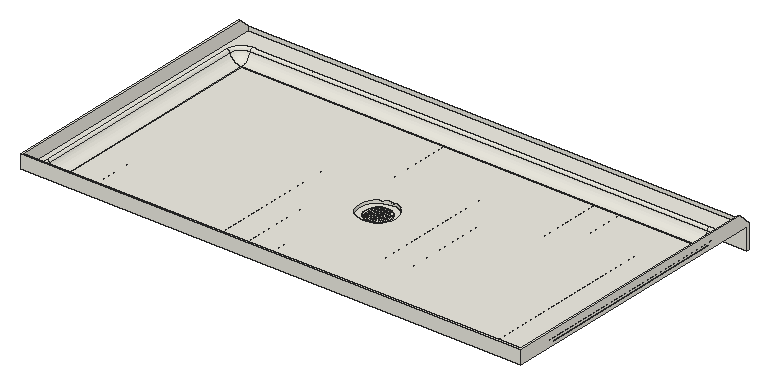
Revit family "Shower-Receptor-Sterling-Guard-72331100", category Plumbing Fixtures, host Face, Revit 2015
Parameters (values of type "60"-96-Biscuit")
  Width = 34"  # constant formula
  Waste Connection = no
  URL = "https://www.sterlingplumbing.com"
  Type = 2
  Product Page URL = "http://www.sterlingplumbing.com/detail?productNumber=72331100"
  Product Name = "GUARD+"  # constant formula
  Product Documentation Link = "https://www.sterlingplumbing.com/onlinecatalog/pdf/72331100_spec.pdf"
  Pressure = 0.00 psi
  Outlet Connection = "Outlet Connection"  # constant formula
  Model = if(Type = 1, "72331100-0-White", if(Type = 2, "72331100-96-Biscuit", "0"))  # "72331100-96-Biscuit"
  Material = "Vikrell® material."  # constant formula
  MasterFormat 2004 = "22.41.23"  # constant formula
  MasterFormat 1995 = "15410"  # constant formula
  Manufacturer Address = "444 Highland Drive, Kohler, WI 53044"  # constant formula
  Manufacturer = "Sterling"  # constant formula
  Length = 60"  # constant formula
  Inlet Connection = "Inlet Connection"  # constant formula
  Height = 4 3/16"  # constant formula
  Flow Rate = 0 GPM
  Finish = China - Kohler - 96- Biscuit
  Description = "GUARD+™60 inch Shower Base\r"  # constant formula
  Default Elevation = 0"
  Date Modified = "09/18/2017"  # constant formula
  Date Created = "08/30/2017"  # constant formula
  Copyright = "Copyright by Kohler Co."  # constant formula
  Contact Us = "https://www.sterlingplumbing.com/contact"
  Assembly Code = "C1030200"
  ADA Compliant = yes
Reference planes (in)
  plane 1 "Center (Front/Back)": y = 0
  plane 2: z = 0
  plane 3 "Center (Left/Right)": x = 0
  plane 4: z = 4.1875
  plane 5: y = 17.87559
  plane 6: y = -16.12441
  plane 7: x = -30
  plane 8: x = 30
Dimensions and locks (in)
  "Height": plane 4 to plane 2
  "Width": plane 6 to plane 5
  "Length": plane 7 to plane 8
  aligned and locked: plane 2 to host face
  aligned and locked: level to host face
Automatic sketch dimensions
  host sketch curve to host sketch curve = 96"  (x2)
Nested families (in)
  nested 1: "K-72331100" at (0, 0.875, 2.87982) x (0, -1, 0) z (0, 0, 1), type "K-72331100"
Connectors (in)
  piping at (-0.0625, 0, 0.84875), diameter 3.3125, driven by "Waste Connection", driven by "Outlet Connection"
    settings: on nested 1, index 1, connector inside diameter 24", connector length 0", flow factor 0, pipe flow 0 GPM, pressure drop 0.00 psi, fitting loss kfactor 0, connector angle 0.00°, fixture units 0, engagement length 0", angle of deflection 0.00°, flow configuration 0, flow direction 2, fitting loss method 0, system type 16, joint type 0, gender type 0, connector reference index -1, connector utility 0, adjustable connector no, is connector primary yes, connector description "Outlet Connection"
Definition of nested family "K-72331100"
  Parameters (values of type "K-72331100")
    Finish = none
  Reference planes (in)
    plane 1 "Center (Front/Back)": y = 0
    plane 2: z = 0
    plane 3 "Center (Left/Right)": x = 0
    plane 4 "A": z = -1.83027
    plane 5 "Top": z = -1.49242
    plane 6: z = -1.97528
    plane 7: y = 30
    plane 8: y = -30
    plane 9: x = 17
    plane 10: x = -17
    plane 11: z = -2.87982
  Forms (in)
    Sweep 1, solid, material <- "Finish"
      path origin (0.75, 0, -1.83027) x (0, 1, 0) y (-1, 0, 0)
        loop
          line (-28.7299, 13.46345) -> (-28.7299, -13.53905)
          arc (-28.7299, -13.53905) -> (-28.3139, -14.54336) -> (-27.30958, -14.95936) r 1.42031
          line (-27.30958, -14.95936) -> (27.44446, -14.95936)
          arc (27.44446, -14.95936) -> (28.44877, -14.54336) -> (28.86477, -13.53905) r 1.42031
          line (28.86477, -13.53905) -> (28.86477, 13.46345)
          arc (28.86477, 13.46345) -> (28.44877, 14.46776) -> (27.44446, 14.88376) r 1.42031
          line (27.44446, 14.88376) -> (-27.30958, 14.88376)
          arc (-27.30958, 14.88376) -> (-28.3139, 14.46776) -> (-28.7299, 13.46345) r 1.42031
      profile origin (0.7878, -28.7299, -1.83027) x (0, 1, 0) y (0, 0, 1)
        loop
          arc (0, 1.39102) -> (-0.11859, 1.56701) -> (-0.3186, 1.63795) r 0.33887
          line (-0.3186, 1.63795) -> (-0.3186, 1.55616)
          arc (-0.3186, 1.55616) -> (-0.169, 1.46986) -> (-0.08137, 1.32103) r 0.33887
          arc (-0.08137, 1.32103) -> (0.49432, 0.54576) -> (1.39824, 0.20607) r 1.70969
          line (1.39824, 0.20607) -> (1.39824, 0.33785)
          arc (1.39824, 0.33785) -> (0.52147, 0.62858) -> (0, 1.39102) r 1.44483
    SweptBlend 2, solid, material <- "Finish"
      path origin (0, 0, 0) x (0, 1, 0) y (0, 0, 1)
        loop
          line (0, -1.83027) -> (0, -1.49242)
      profile origin (0, 0, -1.83027) x (0, -1, 0) y (1, 0, 0)
        loop
          circle (0.0625, 0.875) r 2.25
      end profile origin (0, 0, -1.49242) x (0, -1, 0) y (1, 0, 0)
        loop
          line (-27.46653, -12.73552) -> (27.33166, -12.73552) -> (27.33166, 14.31112) -> (-27.46653, 14.31112) -> (-27.46653, -12.73552)
    Extrusion 3, solid, material <- "Finish"
      sketch origin (0.75, 0, -1.83027) x (0, 1, 0) y (-1, 0, 0)
        loop
          line (30, 17.75272) -> (-30, 17.75272) -> (-30, -16.25) -> (30, -16.25) -> (30, 17.75272)
        loop
          line (27.44446, 15.20236) -> (-27.30958, 15.20236)
          arc (-27.30958, 15.20236) -> (-28.53918, 14.69304) -> (-29.04849, 13.46345) r 1.73891
          line (-29.04849, 13.46345) -> (-29.04849, -13.53905)
          arc (-29.04849, -13.53905) -> (-28.53918, -14.76865) -> (-27.30958, -15.27796) r 1.73891
          line (-27.30958, -15.27796) -> (27.44446, -15.27796)
          arc (27.44446, -15.27796) -> (28.67406, -14.76865) -> (29.18337, -13.53905) r 1.73891
          line (29.18337, -13.53905) -> (29.18337, 13.46345)
          arc (29.18337, 13.46345) -> (28.67406, 14.69304) -> (27.44446, 15.20236) r 1.73891
      from 1.55616 to 1.63795
    Sweep 4, solid, material <- "Finish"
      path origin (0, 0, 0) x (1, 0, 0) y (0, 1, 0)
        loop
          line (-17.00272, 30) -> (17, 30) -> (17, -30) -> (-17.00272, -30)
      profile origin (-0.00136, 30, 0) x (0, 1, 0) y (0, 0, 1)
        loop
          line (0, -0.19232) -> (0, 1.30768) -> (-0.25, 1.30768) -> (-0.25, -0.19232) -> (0, -0.19232)
    Extrusion 5, void
      sketch origin (17, -30, 1.30768) x (1, 0, 0) y (0, 0, -1)
        loop
          line (-34.00272, 1.30768) -> (-34.00272, 0) -> (-32.69504, 0) -> (-34.00272, 1.30768)
      from 0 to 64.58196
    Extrusion 6, solid, material <- "Finish"
      sketch origin (0.25, 0, 0) x (1, 0, 0) y (0, 1, 0)
        loop
          line (-17.00272, 30) -> (-17.25272, 30) -> (-17.25272, -30) -> (-17.00272, -30) -> (-17.00272, 30)
      from -2.87982 to 0.24845
    Extrusion 7, void
      sketch origin (0, 0, -1.83027) x (0, 1, 0) y (-1, 0, 0)
        loop
          circle (-0.0625, -0.875) r 2.25
      from -2.95681 to 2.7011
    Extrusion 8, solid, material <- "Finish"
      sketch origin (0, 0, 0) x (1, 0, 0) y (0, 1, 0)
        loop
          circle (0.875, -0.0625) r 2.25
        loop
          circle (0.875, -0.0625) r 1.5
      from -2.03106 to -1.83027
    Extrusion 9, solid, material <- "Finish"
      sketch origin (0, 0, 0) x (1, 0, 0) y (0, 1, 0)
        loop
          circle (0.875, -0.0625) r 1.5
      from -2.14368 to -1.83027
    Extrusion 10, void
      sketch origin (0.24945, 0.52768, -1.83027) x (0, 1, 0) y (-1, 0, 0)
        loop
          line (0.66857, -0.2545) -> (0.66857, 0.0455)
          arc (0.66857, 0.0455) -> (0.65393, 0.08086) -> (0.61857, 0.0955) r 0.05
          line (0.61857, 0.0955) -> (0.31232, 0.0955)
          arc (0.31232, 0.0955) -> (0.27697, 0.08086) -> (0.26232, 0.0455) r 0.05
          line (0.26232, 0.0455) -> (0.26232, -0.2545)
          arc (0.26232, -0.2545) -> (0.27697, -0.28986) -> (0.31232, -0.3045) r 0.05
          line (0.31232, -0.3045) -> (0.61857, -0.3045)
          arc (0.61857, -0.3045) -> (0.65393, -0.28986) -> (0.66857, -0.2545) r 0.05
      from -0.77622 to 0.8761
    Extrusion 11, void
      sketch origin (0.77247, 0.52768, -1.83027) x (0, 1, 0) y (-1, 0, 0)
        loop
          line (0.66857, -0.2545) -> (0.66857, 0.0455)
          arc (0.66857, 0.0455) -> (0.65393, 0.08086) -> (0.61857, 0.0955) r 0.05
          line (0.61857, 0.0955) -> (0.31232, 0.0955)
          arc (0.31232, 0.0955) -> (0.27697, 0.08086) -> (0.26232, 0.0455) r 0.05
          line (0.26232, 0.0455) -> (0.26232, -0.2545)
          arc (0.26232, -0.2545) -> (0.27697, -0.28986) -> (0.31232, -0.3045) r 0.05
          line (0.31232, -0.3045) -> (0.61857, -0.3045)
          arc (0.61857, -0.3045) -> (0.65393, -0.28986) -> (0.66857, -0.2545) r 0.05
      from -0.77622 to 0.8761
    Extrusion 12, void
      sketch origin (1.30112, 0.53248, -1.83027) x (0, 1, 0) y (-1, 0, 0)
        loop
          line (0.66857, -0.2545) -> (0.66857, 0.0455)
          arc (0.66857, 0.0455) -> (0.65393, 0.08086) -> (0.61857, 0.0955) r 0.05
          line (0.61857, 0.0955) -> (0.31232, 0.0955)
          arc (0.31232, 0.0955) -> (0.27697, 0.08086) -> (0.26232, 0.0455) r 0.05
          line (0.26232, 0.0455) -> (0.26232, -0.2545)
          arc (0.26232, -0.2545) -> (0.27697, -0.28986) -> (0.31232, -0.3045) r 0.05
          line (0.31232, -0.3045) -> (0.61857, -0.3045)
          arc (0.61857, -0.3045) -> (0.65393, -0.28986) -> (0.66857, -0.2545) r 0.05
      from -0.77622 to 0.8761
    Extrusion 13, void
      sketch origin (-0.25055, 0.02632, -1.83027) x (0, 1, 0) y (-1, 0, 0)
        loop
          line (0.66857, -0.2545) -> (0.66857, 0.0455)
          arc (0.66857, 0.0455) -> (0.65393, 0.08086) -> (0.61857, 0.0955) r 0.05
          line (0.61857, 0.0955) -> (0.31232, 0.0955)
          arc (0.31232, 0.0955) -> (0.27697, 0.08086) -> (0.26232, 0.0455) r 0.05
          line (0.26232, 0.0455) -> (0.26232, -0.2545)
          arc (0.26232, -0.2545) -> (0.27697, -0.28986) -> (0.31232, -0.3045) r 0.05
          line (0.31232, -0.3045) -> (0.61857, -0.3045)
          arc (0.61857, -0.3045) -> (0.65393, -0.28986) -> (0.66857, -0.2545) r 0.05
      from -0.77622 to 0.8761
    Extrusion 14, void
      sketch origin (0.24945, 0.03111, -1.83027) x (0, 1, 0) y (-1, 0, 0)
        loop
          line (0.66857, -0.2545) -> (0.66857, 0.0455)
          arc (0.66857, 0.0455) -> (0.65393, 0.08086) -> (0.61857, 0.0955) r 0.05
          line (0.61857, 0.0955) -> (0.31232, 0.0955)
          arc (0.31232, 0.0955) -> (0.27697, 0.08086) -> (0.26232, 0.0455) r 0.05
          line (0.26232, 0.0455) -> (0.26232, -0.2545)
          arc (0.26232, -0.2545) -> (0.27697, -0.28986) -> (0.31232, -0.3045) r 0.05
          line (0.31232, -0.3045) -> (0.61857, -0.3045)
          arc (0.61857, -0.3045) -> (0.65393, -0.28986) -> (0.66857, -0.2545) r 0.05
      from -0.77622 to 0.8761
    Extrusion 15, void
      sketch origin (0.77247, 0.03111, -1.83027) x (0, 1, 0) y (-1, 0, 0)
        loop
          line (0.66857, -0.2545) -> (0.66857, 0.0455)
          arc (0.66857, 0.0455) -> (0.65393, 0.08086) -> (0.61857, 0.0955) r 0.05
          line (0.61857, 0.0955) -> (0.31232, 0.0955)
          arc (0.31232, 0.0955) -> (0.27697, 0.08086) -> (0.26232, 0.0455) r 0.05
          line (0.26232, 0.0455) -> (0.26232, -0.2545)
          arc (0.26232, -0.2545) -> (0.27697, -0.28986) -> (0.31232, -0.3045) r 0.05
          line (0.31232, -0.3045) -> (0.61857, -0.3045)
          arc (0.61857, -0.3045) -> (0.65393, -0.28986) -> (0.66857, -0.2545) r 0.05
      from -0.77622 to 0.8761
    Extrusion 16, void
      sketch origin (1.30112, 0.03591, -1.83027) x (0, 1, 0) y (-1, 0, 0)
        loop
          line (0.66857, -0.2545) -> (0.66857, 0.0455)
          arc (0.66857, 0.0455) -> (0.65393, 0.08086) -> (0.61857, 0.0955) r 0.05
          line (0.61857, 0.0955) -> (0.31232, 0.0955)
          arc (0.31232, 0.0955) -> (0.27697, 0.08086) -> (0.26232, 0.0455) r 0.05
          line (0.26232, 0.0455) -> (0.26232, -0.2545)
          arc (0.26232, -0.2545) -> (0.27697, -0.28986) -> (0.31232, -0.3045) r 0.05
          line (0.31232, -0.3045) -> (0.61857, -0.3045)
          arc (0.61857, -0.3045) -> (0.65393, -0.28986) -> (0.66857, -0.2545) r 0.05
      from -0.77622 to 0.8761
    Extrusion 17, void
      sketch origin (1.81221, 0.02632, -1.83027) x (0, 1, 0) y (-1, 0, 0)
        loop
          line (0.66857, -0.2545) -> (0.66857, 0.0455)
          arc (0.66857, 0.0455) -> (0.65393, 0.08086) -> (0.61857, 0.0955) r 0.05
          line (0.61857, 0.0955) -> (0.31232, 0.0955)
          arc (0.31232, 0.0955) -> (0.27697, 0.08086) -> (0.26232, 0.0455) r 0.05
          line (0.26232, 0.0455) -> (0.26232, -0.2545)
          arc (0.26232, -0.2545) -> (0.27697, -0.28986) -> (0.31232, -0.3045) r 0.05
          line (0.31232, -0.3045) -> (0.61857, -0.3045)
          arc (0.61857, -0.3045) -> (0.65393, -0.28986) -> (0.66857, -0.2545) r 0.05
      from -0.77622 to 0.8761
    Extrusion 18, void
      sketch origin (-0.47122, -0.47012, -1.83027) x (0, 1, 0) y (-1, 0, 0)
        loop
          line (0.66857, -0.2545) -> (0.66857, 0.0455)
          arc (0.66857, 0.0455) -> (0.65393, 0.08086) -> (0.61857, 0.0955) r 0.05
          line (0.61857, 0.0955) -> (0.31232, 0.0955)
          arc (0.31232, 0.0955) -> (0.27697, 0.08086) -> (0.26232, 0.0455) r 0.05
          line (0.26232, 0.0455) -> (0.26232, -0.2545)
          arc (0.26232, -0.2545) -> (0.27697, -0.28986) -> (0.31232, -0.3045) r 0.05
          line (0.31232, -0.3045) -> (0.61857, -0.3045)
          arc (0.61857, -0.3045) -> (0.65393, -0.28986) -> (0.66857, -0.2545) r 0.05
      from -0.77622 to 0.8761
    Extrusion 19, void
      sketch origin (0.02878, -0.46532, -1.83027) x (0, 1, 0) y (-1, 0, 0)
        loop
          line (0.66857, -0.2545) -> (0.66857, 0.0455)
          arc (0.66857, 0.0455) -> (0.65393, 0.08086) -> (0.61857, 0.0955) r 0.05
          line (0.61857, 0.0955) -> (0.31232, 0.0955)
          arc (0.31232, 0.0955) -> (0.27697, 0.08086) -> (0.26232, 0.0455) r 0.05
          line (0.26232, 0.0455) -> (0.26232, -0.2545)
          arc (0.26232, -0.2545) -> (0.27697, -0.28986) -> (0.31232, -0.3045) r 0.05
          line (0.31232, -0.3045) -> (0.61857, -0.3045)
          arc (0.61857, -0.3045) -> (0.65393, -0.28986) -> (0.66857, -0.2545) r 0.05
      from -0.77622 to 0.8761
    Extrusion 20, void
      sketch origin (0.52893, -0.46741, -1.83027) x (0, 1, 0) y (-1, 0, 0)
        loop
          line (0.66857, -0.2545) -> (0.66857, 0.0455)
          arc (0.66857, 0.0455) -> (0.65393, 0.08086) -> (0.61857, 0.0955) r 0.05
          line (0.61857, 0.0955) -> (0.31232, 0.0955)
          arc (0.31232, 0.0955) -> (0.27697, 0.08086) -> (0.26232, 0.0455) r 0.05
          line (0.26232, 0.0455) -> (0.26232, -0.2545)
          arc (0.26232, -0.2545) -> (0.27697, -0.28986) -> (0.31232, -0.3045) r 0.05
          line (0.31232, -0.3045) -> (0.61857, -0.3045)
          arc (0.61857, -0.3045) -> (0.65393, -0.28986) -> (0.66857, -0.2545) r 0.05
      from -0.77622 to 0.8761
    Extrusion 21, void
      sketch origin (1.05196, -0.46741, -1.83027) x (0, 1, 0) y (-1, 0, 0)
        loop
          line (0.66857, -0.2545) -> (0.66857, 0.0455)
          arc (0.66857, 0.0455) -> (0.65393, 0.08086) -> (0.61857, 0.0955) r 0.05
          line (0.61857, 0.0955) -> (0.31232, 0.0955)
          arc (0.31232, 0.0955) -> (0.27697, 0.08086) -> (0.26232, 0.0455) r 0.05
          line (0.26232, 0.0455) -> (0.26232, -0.2545)
          arc (0.26232, -0.2545) -> (0.27697, -0.28986) -> (0.31232, -0.3045) r 0.05
          line (0.31232, -0.3045) -> (0.61857, -0.3045)
          arc (0.61857, -0.3045) -> (0.65393, -0.28986) -> (0.66857, -0.2545) r 0.05
      from -0.77622 to 0.8761
    Extrusion 22, void
      sketch origin (1.53373, -0.46261, -1.83027) x (0, 1, 0) y (-1, 0, 0)
        loop
          line (0.66857, -0.2545) -> (0.66857, 0.0455)
          arc (0.66857, 0.0455) -> (0.65393, 0.08086) -> (0.61857, 0.0955) r 0.05
          line (0.61857, 0.0955) -> (0.31232, 0.0955)
          arc (0.31232, 0.0955) -> (0.27697, 0.08086) -> (0.26232, 0.0455) r 0.05
          line (0.26232, 0.0455) -> (0.26232, -0.2545)
          arc (0.26232, -0.2545) -> (0.27697, -0.28986) -> (0.31232, -0.3045) r 0.05
          line (0.31232, -0.3045) -> (0.61857, -0.3045)
          arc (0.61857, -0.3045) -> (0.65393, -0.28986) -> (0.66857, -0.2545) r 0.05
      from -0.77622 to 0.8761
    Extrusion 23, void
      sketch origin (2.03329, -0.46075, -1.83027) x (0, 1, 0) y (-1, 0, 0)
        loop
          line (0.66857, -0.2545) -> (0.66857, 0.0455)
          arc (0.66857, 0.0455) -> (0.65393, 0.08086) -> (0.61857, 0.0955) r 0.05
          line (0.61857, 0.0955) -> (0.31232, 0.0955)
          arc (0.31232, 0.0955) -> (0.27697, 0.08086) -> (0.26232, 0.0455) r 0.05
          line (0.26232, 0.0455) -> (0.26232, -0.2545)
          arc (0.26232, -0.2545) -> (0.27697, -0.28986) -> (0.31232, -0.3045) r 0.05
          line (0.31232, -0.3045) -> (0.61857, -0.3045)
          arc (0.61857, -0.3045) -> (0.65393, -0.28986) -> (0.66857, -0.2545) r 0.05
      from -0.77622 to 0.8761
    Extrusion 24, void
      sketch origin (-0.25055, -0.98574, -1.83027) x (0, 1, 0) y (-1, 0, 0)
        loop
          line (0.66857, -0.2545) -> (0.66857, 0.0455)
          arc (0.66857, 0.0455) -> (0.65393, 0.08086) -> (0.61857, 0.0955) r 0.05
          line (0.61857, 0.0955) -> (0.31232, 0.0955)
          arc (0.31232, 0.0955) -> (0.27697, 0.08086) -> (0.26232, 0.0455) r 0.05
          line (0.26232, 0.0455) -> (0.26232, -0.2545)
          arc (0.26232, -0.2545) -> (0.27697, -0.28986) -> (0.31232, -0.3045) r 0.05
          line (0.31232, -0.3045) -> (0.61857, -0.3045)
          arc (0.61857, -0.3045) -> (0.65393, -0.28986) -> (0.66857, -0.2545) r 0.05
      from -0.77622 to 0.8761
    Extrusion 25, void
      sketch origin (0.24945, -0.98094, -1.83027) x (0, 1, 0) y (-1, 0, 0)
        loop
          line (0.66857, -0.2545) -> (0.66857, 0.0455)
          arc (0.66857, 0.0455) -> (0.65393, 0.08086) -> (0.61857, 0.0955) r 0.05
          line (0.61857, 0.0955) -> (0.31232, 0.0955)
          arc (0.31232, 0.0955) -> (0.27697, 0.08086) -> (0.26232, 0.0455) r 0.05
          line (0.26232, 0.0455) -> (0.26232, -0.2545)
          arc (0.26232, -0.2545) -> (0.27697, -0.28986) -> (0.31232, -0.3045) r 0.05
          line (0.31232, -0.3045) -> (0.61857, -0.3045)
          arc (0.61857, -0.3045) -> (0.65393, -0.28986) -> (0.66857, -0.2545) r 0.05
      from -0.77622 to 0.8761
    Extrusion 26, void
      sketch origin (0.77247, -0.98094, -1.83027) x (0, 1, 0) y (-1, 0, 0)
        loop
          line (0.66857, -0.2545) -> (0.66857, 0.0455)
          arc (0.66857, 0.0455) -> (0.65393, 0.08086) -> (0.61857, 0.0955) r 0.05
          line (0.61857, 0.0955) -> (0.31232, 0.0955)
          arc (0.31232, 0.0955) -> (0.27697, 0.08086) -> (0.26232, 0.0455) r 0.05
          line (0.26232, 0.0455) -> (0.26232, -0.2545)
          arc (0.26232, -0.2545) -> (0.27697, -0.28986) -> (0.31232, -0.3045) r 0.05
          line (0.31232, -0.3045) -> (0.61857, -0.3045)
          arc (0.61857, -0.3045) -> (0.65393, -0.28986) -> (0.66857, -0.2545) r 0.05
      from -0.77622 to 0.8761
    Extrusion 27, void
      sketch origin (1.30112, -0.97614, -1.83027) x (0, 1, 0) y (-1, 0, 0)
        loop
          line (0.66857, -0.2545) -> (0.66857, 0.0455)
          arc (0.66857, 0.0455) -> (0.65393, 0.08086) -> (0.61857, 0.0955) r 0.05
          line (0.61857, 0.0955) -> (0.31232, 0.0955)
          arc (0.31232, 0.0955) -> (0.27697, 0.08086) -> (0.26232, 0.0455) r 0.05
          line (0.26232, 0.0455) -> (0.26232, -0.2545)
          arc (0.26232, -0.2545) -> (0.27697, -0.28986) -> (0.31232, -0.3045) r 0.05
          line (0.31232, -0.3045) -> (0.61857, -0.3045)
          arc (0.61857, -0.3045) -> (0.65393, -0.28986) -> (0.66857, -0.2545) r 0.05
      from -0.77622 to 0.8761
    Extrusion 28, void
      sketch origin (1.81221, -0.98574, -1.83027) x (0, 1, 0) y (-1, 0, 0)
        loop
          line (0.66857, -0.2545) -> (0.66857, 0.0455)
          arc (0.66857, 0.0455) -> (0.65393, 0.08086) -> (0.61857, 0.0955) r 0.05
          line (0.61857, 0.0955) -> (0.31232, 0.0955)
          arc (0.31232, 0.0955) -> (0.27697, 0.08086) -> (0.26232, 0.0455) r 0.05
          line (0.26232, 0.0455) -> (0.26232, -0.2545)
          arc (0.26232, -0.2545) -> (0.27697, -0.28986) -> (0.31232, -0.3045) r 0.05
          line (0.31232, -0.3045) -> (0.61857, -0.3045)
          arc (0.61857, -0.3045) -> (0.65393, -0.28986) -> (0.66857, -0.2545) r 0.05
      from -0.77622 to 0.8761
    Extrusion 29, void
      sketch origin (0.01598, -1.45043, -1.83027) x (0, 1, 0) y (-1, 0, 0)
        loop
          line (0.66857, -0.2545) -> (0.66857, 0.0455)
          arc (0.66857, 0.0455) -> (0.65393, 0.08086) -> (0.61857, 0.0955) r 0.05
          line (0.61857, 0.0955) -> (0.31232, 0.0955)
          arc (0.31232, 0.0955) -> (0.27697, 0.08086) -> (0.26232, 0.0455) r 0.05
          line (0.26232, 0.0455) -> (0.26232, -0.2545)
          arc (0.26232, -0.2545) -> (0.27697, -0.28986) -> (0.31232, -0.3045) r 0.05
          line (0.31232, -0.3045) -> (0.61857, -0.3045)
          arc (0.61857, -0.3045) -> (0.65393, -0.28986) -> (0.66857, -0.2545) r 0.05
      from -0.77622 to 0.8761
    Extrusion 30, void
      sketch origin (0.56449, -1.45043, -1.83027) x (0, 1, 0) y (-1, 0, 0)
        loop
          line (0.66857, -0.2545) -> (0.66857, 0.0455)
          arc (0.66857, 0.0455) -> (0.65393, 0.08086) -> (0.61857, 0.0955) r 0.05
          line (0.61857, 0.0955) -> (0.31232, 0.0955)
          arc (0.31232, 0.0955) -> (0.27697, 0.08086) -> (0.26232, 0.0455) r 0.05
          line (0.26232, 0.0455) -> (0.26232, -0.2545)
          arc (0.26232, -0.2545) -> (0.27697, -0.28986) -> (0.31232, -0.3045) r 0.05
          line (0.31232, -0.3045) -> (0.61857, -0.3045)
          arc (0.61857, -0.3045) -> (0.65393, -0.28986) -> (0.66857, -0.2545) r 0.05
      from -0.77622 to 0.8761
    Extrusion 31, void
      sketch origin (1.55342, -1.45054, -1.83027) x (0, 1, 0) y (-1, 0, 0)
        loop
          line (0.66857, -0.2545) -> (0.66857, 0.0455)
          arc (0.66857, 0.0455) -> (0.65393, 0.08086) -> (0.61857, 0.0955) r 0.05
          line (0.61857, 0.0955) -> (0.31232, 0.0955)
          arc (0.31232, 0.0955) -> (0.27697, 0.08086) -> (0.26232, 0.0455) r 0.05
          line (0.26232, 0.0455) -> (0.26232, -0.2545)
          arc (0.26232, -0.2545) -> (0.27697, -0.28986) -> (0.31232, -0.3045) r 0.05
          line (0.31232, -0.3045) -> (0.61857, -0.3045)
          arc (0.61857, -0.3045) -> (0.65393, -0.28986) -> (0.66857, -0.2545) r 0.05
      from -0.77622 to 0.8761
    Extrusion 32, void
      sketch origin (1.06535, -1.46236, -1.83027) x (0, 1, 0) y (-1, 0, 0)
        loop
          line (0.66857, -0.2545) -> (0.66857, 0.0455)
          arc (0.66857, 0.0455) -> (0.65393, 0.08086) -> (0.61857, 0.0955) r 0.05
          line (0.61857, 0.0955) -> (0.31232, 0.0955)
          arc (0.31232, 0.0955) -> (0.27697, 0.08086) -> (0.26232, 0.0455) r 0.05
          line (0.26232, 0.0455) -> (0.26232, -0.2545)
          arc (0.26232, -0.2545) -> (0.27697, -0.28986) -> (0.31232, -0.3045) r 0.05
          line (0.31232, -0.3045) -> (0.61857, -0.3045)
          arc (0.61857, -0.3045) -> (0.65393, -0.28986) -> (0.66857, -0.2545) r 0.05
      from -0.77622 to 0.8761
    Extrusion 33, solid, material <- "Finish"
      sketch origin (0, 0, 0) x (1, 0, 0) y (0, 0, 1)
        loop
          arc (-12.75873, -1.6242) -> (-10.92856, -2.53924) -> (-8.91092, -2.87982) r 6.92868
          line (-8.91092, -2.87982) -> (10.43283, -2.87982)
          arc (10.43283, -2.87982) -> (12.45046, -2.53924) -> (14.28063, -1.6242) r 6.92868
          line (14.28063, -1.6242) -> (0.56681, -1.6242) -> (-12.75873, -1.6242)
      from -26.91057 to -26.65131
    Extrusion 34, solid, material <- "Finish"
      sketch origin (0, -3, 0) x (1, 0, 0) y (0, 0, 1)
        loop
          arc (-12.75873, -1.6242) -> (-10.92856, -2.53924) -> (-8.91092, -2.87982) r 6.92868
          line (-8.91092, -2.87982) -> (10.43283, -2.87982)
          arc (10.43283, -2.87982) -> (12.45046, -2.53924) -> (14.28063, -1.6242) r 6.92868
          line (14.28063, -1.6242) -> (0.56681, -1.6242) -> (-12.75873, -1.6242)
      from -26.91057 to -26.65131
    Extrusion 35, solid, material <- "Finish"
      sketch origin (0, -6, 0) x (1, 0, 0) y (0, 0, 1)
        loop
          arc (-12.75873, -1.6242) -> (-10.92856, -2.53924) -> (-8.91092, -2.87982) r 6.92868
          line (-8.91092, -2.87982) -> (10.43283, -2.87982)
          arc (10.43283, -2.87982) -> (12.45046, -2.53924) -> (14.28063, -1.6242) r 6.92868
          line (14.28063, -1.6242) -> (0.56681, -1.6242) -> (-12.75873, -1.6242)
      from -26.91057 to -26.65131
    Extrusion 36, solid, material <- "Finish"
      sketch origin (0, -9, 0) x (1, 0, 0) y (0, 0, 1)
        loop
          arc (-12.75873, -1.6242) -> (-10.92856, -2.53924) -> (-8.91092, -2.87982) r 6.92868
          line (-8.91092, -2.87982) -> (10.43283, -2.87982)
          arc (10.43283, -2.87982) -> (12.45046, -2.53924) -> (14.28063, -1.6242) r 6.92868
          line (14.28063, -1.6242) -> (0.56681, -1.6242) -> (-12.75873, -1.6242)
      from -26.91057 to -26.65131
    Extrusion 37, solid, material <- "Finish"
      sketch origin (0, -12, 0) x (1, 0, 0) y (0, 0, 1)
        loop
          arc (-12.75873, -1.6242) -> (-10.92856, -2.53924) -> (-8.91092, -2.87982) r 6.92868
          line (-8.91092, -2.87982) -> (10.43283, -2.87982)
          arc (10.43283, -2.87982) -> (12.45046, -2.53924) -> (14.28063, -1.6242) r 6.92868
          line (14.28063, -1.6242) -> (0.56681, -1.6242) -> (-12.75873, -1.6242)
      from -26.91057 to -26.65131
    Extrusion 38, solid, material <- "Finish"
      sketch origin (0, -15, 0) x (1, 0, 0) y (0, 0, 1)
        loop
          arc (-12.75873, -1.6242) -> (-10.92856, -2.53924) -> (-8.91092, -2.87982) r 6.92868
          line (-8.91092, -2.87982) -> (10.43283, -2.87982)
          arc (10.43283, -2.87982) -> (12.45046, -2.53924) -> (14.28063, -1.6242) r 6.92868
          line (14.28063, -1.6242) -> (0.56681, -1.6242) -> (-12.75873, -1.6242)
      from -26.91057 to -26.65131
    Extrusion 39, solid, material <- "Finish"
      sketch origin (0, -18, 0) x (1, 0, 0) y (0, 0, 1)
        loop
          arc (-12.75873, -1.6242) -> (-10.92856, -2.53924) -> (-8.91092, -2.87982) r 6.92868
          line (-8.91092, -2.87982) -> (10.43283, -2.87982)
          arc (10.43283, -2.87982) -> (12.45046, -2.53924) -> (14.28063, -1.6242) r 6.92868
          line (14.28063, -1.6242) -> (0.56681, -1.6242) -> (-12.75873, -1.6242)
      from -26.91057 to -26.65131
    Extrusion 40, solid, material <- "Finish"
      sketch origin (0, -21, 0) x (1, 0, 0) y (0, 0, 1)
        loop
          arc (-12.75873, -1.6242) -> (-10.92856, -2.53924) -> (-8.91092, -2.87982) r 6.92868
          line (-8.91092, -2.87982) -> (10.43283, -2.87982)
          arc (10.43283, -2.87982) -> (12.45046, -2.53924) -> (14.28063, -1.6242) r 6.92868
          line (14.28063, -1.6242) -> (0.56681, -1.6242) -> (-12.75873, -1.6242)
      from -26.91057 to -26.65131
    Extrusion 41, solid, material <- "Finish"
      sketch origin (0, -24, 0) x (1, 0, 0) y (0, 0, 1)
        loop
          arc (-12.75873, -1.6242) -> (-10.92856, -2.53924) -> (-8.91092, -2.87982) r 6.92868
          line (-8.91092, -2.87982) -> (10.43283, -2.87982)
          arc (10.43283, -2.87982) -> (12.45046, -2.53924) -> (14.28063, -1.6242) r 6.92868
          line (14.28063, -1.6242) -> (0.56681, -1.6242) -> (-12.75873, -1.6242)
      from -26.91057 to -26.65131
    Extrusion 42, solid, material <- "Finish"
      sketch origin (0, -27, 0) x (1, 0, 0) y (0, 0, 1)
        loop
          arc (-11.88953, -2.14368) -> (-10.44149, -2.67869) -> (-8.91092, -2.87982) r 6.92868
          line (-8.91092, -2.87982) -> (10.43283, -2.87982)
          arc (10.43283, -2.87982) -> (11.96339, -2.67869) -> (13.41143, -2.14368) r 6.92868
          line (13.41143, -2.14368) -> (0.56681, -2.14368) -> (-11.88953, -2.14368)
      from -26.91057 to -26.65131
    Extrusion 43, solid, material <- "Finish"
      sketch origin (0, -30, 0) x (1, 0, 0) y (0, 0, 1)
        loop
          arc (-12.75873, -1.6242) -> (-10.92856, -2.53924) -> (-8.91092, -2.87982) r 6.92868
          line (-8.91092, -2.87982) -> (10.43283, -2.87982)
          arc (10.43283, -2.87982) -> (12.45046, -2.53924) -> (14.28063, -1.6242) r 6.92868
          line (14.28063, -1.6242) -> (0.56681, -1.6242) -> (-12.75873, -1.6242)
      from -26.91057 to -26.65131
    Extrusion 44, solid, material <- "Finish"
      sketch origin (0, -33, 0) x (1, 0, 0) y (0, 0, 1)
        loop
          arc (-12.75873, -1.6242) -> (-10.92856, -2.53924) -> (-8.91092, -2.87982) r 6.92868
          line (-8.91092, -2.87982) -> (10.43283, -2.87982)
          arc (10.43283, -2.87982) -> (12.45046, -2.53924) -> (14.28063, -1.6242) r 6.92868
          line (14.28063, -1.6242) -> (0.56681, -1.6242) -> (-12.75873, -1.6242)
      from -26.91057 to -26.65131
    Extrusion 45, solid, material <- "Finish"
      sketch origin (0, -36, 0) x (1, 0, 0) y (0, 0, 1)
        loop
          arc (-12.75873, -1.6242) -> (-10.92856, -2.53924) -> (-8.91092, -2.87982) r 6.92868
          line (-8.91092, -2.87982) -> (10.43283, -2.87982)
          arc (10.43283, -2.87982) -> (12.45046, -2.53924) -> (14.28063, -1.6242) r 6.92868
          line (14.28063, -1.6242) -> (0.56681, -1.6242) -> (-12.75873, -1.6242)
      from -26.91057 to -26.65131
    Extrusion 46, solid, material <- "Finish"
      sketch origin (0, -39, 0) x (1, 0, 0) y (0, 0, 1)
        loop
          arc (-12.75873, -1.6242) -> (-10.92856, -2.53924) -> (-8.91092, -2.87982) r 6.92868
          line (-8.91092, -2.87982) -> (10.43283, -2.87982)
          arc (10.43283, -2.87982) -> (12.45046, -2.53924) -> (14.28063, -1.6242) r 6.92868
          line (14.28063, -1.6242) -> (0.56681, -1.6242) -> (-12.75873, -1.6242)
      from -26.91057 to -26.65131
    Extrusion 47, solid, material <- "Finish"
      sketch origin (0, -42, 0) x (1, 0, 0) y (0, 0, 1)
        loop
          arc (-12.75873, -1.6242) -> (-10.92856, -2.53924) -> (-8.91092, -2.87982) r 6.92868
          line (-8.91092, -2.87982) -> (10.43283, -2.87982)
          arc (10.43283, -2.87982) -> (12.45046, -2.53924) -> (14.28063, -1.6242) r 6.92868
          line (14.28063, -1.6242) -> (0.56681, -1.6242) -> (-12.75873, -1.6242)
      from -26.91057 to -26.65131
    Extrusion 48, solid, material <- "Finish"
      sketch origin (0, -45, 0) x (1, 0, 0) y (0, 0, 1)
        loop
          arc (-12.75873, -1.6242) -> (-10.92856, -2.53924) -> (-8.91092, -2.87982) r 6.92868
          line (-8.91092, -2.87982) -> (10.43283, -2.87982)
          arc (10.43283, -2.87982) -> (12.45046, -2.53924) -> (14.28063, -1.6242) r 6.92868
          line (14.28063, -1.6242) -> (0.56681, -1.6242) -> (-12.75873, -1.6242)
      from -26.91057 to -26.65131
    Extrusion 49, solid, material <- "Finish"
      sketch origin (0, -48, 0) x (1, 0, 0) y (0, 0, 1)
        loop
          arc (-12.75873, -1.6242) -> (-10.92856, -2.53924) -> (-8.91092, -2.87982) r 6.92868
          line (-8.91092, -2.87982) -> (10.43283, -2.87982)
          arc (10.43283, -2.87982) -> (12.45046, -2.53924) -> (14.28063, -1.6242) r 6.92868
          line (14.28063, -1.6242) -> (0.56681, -1.6242) -> (-12.75873, -1.6242)
      from -26.91057 to -26.65131
    Extrusion 50, solid, material <- "Finish"
      sketch origin (0, -51, 0) x (1, 0, 0) y (0, 0, 1)
        loop
          arc (-12.75873, -1.6242) -> (-10.92856, -2.53924) -> (-8.91092, -2.87982) r 6.92868
          line (-8.91092, -2.87982) -> (10.43283, -2.87982)
          arc (10.43283, -2.87982) -> (12.45046, -2.53924) -> (14.28063, -1.6242) r 6.92868
          line (14.28063, -1.6242) -> (0.56681, -1.6242) -> (-12.75873, -1.6242)
      from -26.91057 to -26.65131
    Extrusion 51, solid, material <- "Finish"
      sketch origin (0, -54, 0) x (1, 0, 0) y (0, 0, 1)
        loop
          arc (-12.75873, -1.6242) -> (-10.92856, -2.53924) -> (-8.91092, -2.87982) r 6.92868
          line (-8.91092, -2.87982) -> (10.43283, -2.87982)
          arc (10.43283, -2.87982) -> (12.45046, -2.53924) -> (14.28063, -1.6242) r 6.92868
          line (14.28063, -1.6242) -> (0.56681, -1.6242) -> (-12.75873, -1.6242)
      from -26.91057 to -26.65131
    Extrusion 52, solid, material <- "Finish"
      sketch origin (15.65131, 2.13872, 0) x (0, 1, 0) y (0, 0, 1)
        loop
          arc (-29.47748, -1.6242) -> (-27.64731, -2.53924) -> (-25.62967, -2.87982) r 6.92868
          line (-25.62967, -2.87982) -> (20.83294, -2.87982)
          arc (20.83294, -2.87982) -> (22.85057, -2.53924) -> (24.68074, -1.6242) r 6.92868
          line (24.68074, -1.6242) -> (0.56681, -1.6242) -> (-29.47748, -1.6242)
      from -26.91057 to -26.65131
    Extrusion 53, solid, material <- "Finish"
      sketch origin (19.65131, 2.13872, 0) x (0, 1, 0) y (0, 0, 1)
        loop
          arc (-29.47748, -1.6242) -> (-27.64731, -2.53924) -> (-25.62967, -2.87982) r 6.92868
          line (-25.62967, -2.87982) -> (20.83294, -2.87982)
          arc (20.83294, -2.87982) -> (22.85057, -2.53924) -> (24.68074, -1.6242) r 6.92868
          line (24.68074, -1.6242) -> (0.56681, -1.6242) -> (-29.47748, -1.6242)
      from -26.91057 to -26.65131
    Extrusion 54, solid, material <- "Finish"
      sketch origin (23.65131, 2.13872, 0) x (0, 1, 0) y (0, 0, 1)
        loop
          arc (-29.47748, -1.6242) -> (-27.64731, -2.53924) -> (-25.62967, -2.87982) r 6.92868
          line (-25.62967, -2.87982) -> (20.83294, -2.87982)
          arc (20.83294, -2.87982) -> (22.85057, -2.53924) -> (24.68074, -1.6242) r 6.92868
          line (24.68074, -1.6242) -> (0.56681, -1.6242) -> (-29.47748, -1.6242)
      from -26.91057 to -26.65131
    Extrusion 55, solid, material <- "Finish"
      sketch origin (27.65131, 2.13872, 0) x (0, 1, 0) y (0, 0, 1)
        loop
          arc (-28.60828, -2.14368) -> (-27.16024, -2.67869) -> (-25.62967, -2.87982) r 6.92868
          line (-25.62967, -2.87982) -> (20.83294, -2.87982)
          arc (20.83294, -2.87982) -> (22.3635, -2.67869) -> (23.81154, -2.14368) r 6.92868
          line (23.81154, -2.14368) -> (0.56681, -2.14368) -> (-28.60828, -2.14368)
      from -26.91057 to -26.65131
    Extrusion 56, solid, material <- "Finish"
      sketch origin (31.65131, 2.13872, 0) x (0, 1, 0) y (0, 0, 1)
        loop
          arc (-29.47748, -1.6242) -> (-27.64731, -2.53924) -> (-25.62967, -2.87982) r 6.92868
          line (-25.62967, -2.87982) -> (20.83294, -2.87982)
          arc (20.83294, -2.87982) -> (22.85057, -2.53924) -> (24.68074, -1.6242) r 6.92868
          line (24.68074, -1.6242) -> (0.56681, -1.6242) -> (-29.47748, -1.6242)
      from -26.91057 to -26.65131
    Extrusion 57, solid, material <- "Finish"
      sketch origin (35.65131, 2.13872, 0) x (0, 1, 0) y (0, 0, 1)
        loop
          arc (-29.47748, -1.6242) -> (-27.64731, -2.53924) -> (-25.62967, -2.87982) r 6.92868
          line (-25.62967, -2.87982) -> (20.83294, -2.87982)
          arc (20.83294, -2.87982) -> (22.85057, -2.53924) -> (24.68074, -1.6242) r 6.92868
          line (24.68074, -1.6242) -> (0.56681, -1.6242) -> (-29.47748, -1.6242)
      from -26.91057 to -26.65131
    Extrusion 58, solid, material <- "Finish"
      sketch origin (39.65131, 2.13872, 0) x (0, 1, 0) y (0, 0, 1)
        loop
          arc (-29.47748, -1.6242) -> (-27.64731, -2.53924) -> (-25.62967, -2.87982) r 6.92868
          line (-25.62967, -2.87982) -> (20.83294, -2.87982)
          arc (20.83294, -2.87982) -> (22.85057, -2.53924) -> (24.68074, -1.6242) r 6.92868
          line (24.68074, -1.6242) -> (0.56681, -1.6242) -> (-29.47748, -1.6242)
      from -26.91057 to -26.65131
    Extrusion 59, void
      sketch origin (0, 0, 0) x (1, 0, 0) y (0, 1, 0)
        loop
          line (-3, -3.08943) -> (4.74073, -3.08943) -> (4.74073, 2.65131) -> (-3, 2.65131) -> (-3, -3.08943)
      from -2.87982 to -2.03106
  Cuts and joins
    Extrusion 5 cuts Sweep 4
    Extrusion 5 cuts Extrusion 6
    joined: Sweep 1, Extrusion 3, Sweep 4, Extrusion 6
    Extrusion 7 cuts SweptBlend 2
    Extrusion 10, Extrusion 11, Extrusion 12, Extrusion 13, Extrusion 14, Extrusion 15, Extrusion 16, Extrusion 17, Extrusion 18, Extrusion 19, Extrusion 20, Extrusion 21, Extrusion 22, Extrusion 23, Extrusion 24, Extrusion 25, Extrusion 26, Extrusion 27, Extrusion 28, Extrusion 29, Extrusion 30, Extrusion 31, Extrusion 32 cuts Extrusion 9
    Extrusion 59 cuts Extrusion 42
    Extrusion 59 cuts Extrusion 55
  Lines and regions (in)
    Masking region 1
      outline origin (0, 0, -1.83027) x (0, 1, 0) y (-1, 0, 0)
        loop
          line (30, 17) -> (-30, 17) -> (-30, -17) -> (30, -17) -> (30, 17)
    Masking region 2
      outline origin (0, 0, 0) x (1, 0, 0) y (0, 0, 1)
        loop
          line (-17.00272, 0) -> (-17.00272, -2.87982) -> (-16.75272, -2.87982) -> (-16.75272, -0.2741) -> (-14.44715, -0.2741)
          arc (-14.44715, -0.2741) -> (-14.30501, -0.36432) -> (-14.21666, -0.50763) r 0.375
          arc (-14.21666, -0.50763) -> (-13.65594, -1.28072) -> (-12.76352, -1.62083) r 1.67222
          arc (-12.76352, -1.62083) -> (-12.03612, -2.06783) -> (-11.25927, -2.42197) r 6.92868
          line (-11.25927, -2.42197) -> (-11.25927, -2.87982) -> (-11, -2.87982) -> (-11, -2.51549)
          arc (-11, -2.51549) -> (-9.96948, -2.77805) -> (-8.91092, -2.87982) r 6.92868
          line (-8.91092, -2.87982) -> (10.43283, -2.87982)
          arc (10.43283, -2.87982) -> (11.60568, -2.75713) -> (12.74073, -2.43733) r 6.92868
          line (12.74073, -2.43733) -> (12.74073, -2.87982) -> (13, -2.87982) -> (13, -2.33378)
          arc (13, -2.33378) -> (13.65789, -2.01359) -> (14.27834, -1.6258) r 6.92868
          arc (14.27834, -1.6258) -> (15.20629, -1.30016) -> (15.79073, -0.50923) r 1.67222
          arc (15.79073, -0.50923) -> (15.88081, -0.36418) -> (16.02586, -0.2741) r 0.375
          line (16.02586, -0.2741) -> (17, -0.2741) -> (17, 1.30768) -> (-15.69504, 1.30768) -> (-17.00272, 0)
    Masking region 3
      outline origin (0, 0, 0) x (0, 1, 0) y (0, 0, 1)
        loop
          line (-30, 1.30768) -> (-30, -0.2741) -> (-29.04065, -0.2741)
          arc (-29.04065, -0.2741) -> (-28.89676, -0.36534) -> (-28.80552, -0.50923) r 0.38988
          arc (-28.80552, -0.50923) -> (-28.24123, -1.28065) -> (-27.34869, -1.62255) r 1.68984
          line (-27.34869, -1.62255) -> (-27.34869, -2.87982) -> (-27.08943, -2.87982) -> (-27.08943, -1.7912)
          arc (-27.08943, -1.7912) -> (-25.36544, -2.58424) -> (-23.49095, -2.87982) r 6.92868
          line (-23.49095, -2.87982) -> (22.97166, -2.87982)
          arc (22.97166, -2.87982) -> (24.8924, -2.57007) -> (26.65131, -1.73854) r 6.92868
          line (26.65131, -1.73854) -> (26.65131, -2.87982) -> (26.91057, -2.87982) -> (26.91057, -1.6242) -> (27.46653, -1.6242)
          arc (27.46653, -1.6242) -> (28.37275, -1.28756) -> (28.94614, -0.50923) r 1.68984
          arc (28.94614, -0.50923) -> (29.03738, -0.36534) -> (29.18127, -0.2741) r 0.38988
          line (29.18127, -0.2741) -> (30, -0.2741) -> (30, 1.30768) -> (-30, 1.30768)
    symbolic lines, detail levels medium+fine
      curve 1: line (-12.75873, 0, -1.6242) -> (14.28063, 0, -1.6242)
      curve 4: line (0, -30, -0.2741) -> (0, 30, -0.2741)
      curve 7: line (-16.75272, -30, -1.83027) -> (-16.75272, 30, -1.83027)
      curve 8: line (-16.75427, 29.75, -1.83027) -> (16.75, 29.75, -1.83027)
      curve 9: line (16.75, -29.75, -1.83027) -> (-16.75427, -29.75, -1.83027)
      curve 10: line (16.75, 29.75, -1.83027) -> (16.75, -29.75, -1.83027)
      curve 11: arc (16.02796, -27.30958, -1.83027) -> (15.51865, -28.53918, -1.83027) -> (14.28905, -29.04849, -1.83027) r 1.73891
      curve 12: line (14.28905, -29.04849, -1.83027) -> (-12.71345, -29.04849, -1.83027)
      curve 13: arc (-12.71345, -29.04849, -1.83027) -> (-13.94304, -28.53918, -1.83027) -> (-14.45236, -27.30958, -1.83027) r 1.73891
      curve 14: line (-14.45236, -27.30958, -1.83027) -> (-14.45236, 27.44446, -1.83027)
      curve 15: arc (-14.45236, 27.44446, -1.83027) -> (-13.94304, 28.67406, -1.83027) -> (-12.71345, 29.18337, -1.83027) r 1.73891
      curve 16: line (-12.71345, 29.18337, -1.83027) -> (14.28905, 29.18337, -1.83027)
      curve 17: arc (14.28905, 29.18337, -1.83027) -> (15.51865, 28.67406, -1.83027) -> (16.02796, 27.44446, -1.83027) r 1.73891
      curve 18: line (16.02796, 27.44446, -1.83027) -> (16.02796, -27.30958, -1.83027)
      curve 207: line (-14.45236, 0, -0.2741) -> (16.29764, 0, -0.2741)
    symbolic lines
      curve 2: arc (-11.25927, 0, -2.42197) -> (-11.1301, 0, -2.47002) -> (-11, 0, -2.51549) r 6.92868
      curve 3: arc (12.74073, 0, -2.43733) -> (12.87089, 0, -2.38686) -> (13, 0, -2.33378) r 6.92868
      curve 5: arc (0, -27.34869, -1.62255) -> (0, -27.21775, -1.70438) -> (0, -27.08846, -1.7888) r 7.75027
      curve 6: arc (0, 26.65131, -1.73854) -> (0, 26.78139, -1.6824) -> (0, 26.91057, -1.6242) r 8.9214
      curve 19: arc (3.125, -0.0625, -1.83027) -> (0.875, 2.1875, -1.83027) -> (-1.375, -0.0625, -1.83027) r 2.25
      curve 20: arc (-1.375, -0.0625, -1.83027) -> (0.875, -2.3125, -1.83027) -> (3.125, -0.0625, -1.83027) r 2.25
      curve 21: arc (-0.625, -0.0625, -1.83027) -> (0.875, -1.5625, -1.83027) -> (2.375, -0.0625, -1.83027) r 1.5
      curve 22: arc (2.375, -0.0625, -1.83027) -> (0.875, 1.4375, -1.83027) -> (-0.625, -0.0625, -1.83027) r 1.5
      curve 23: line (0.15395, 0.84001, -1.83027) -> (0.15395, 1.14626, -1.83027)
      curve 24: arc (0.15395, 1.14626, -1.83027) -> (0.16859, 1.18161, -1.83027) -> (0.20395, 1.19626, -1.83027) r 0.05
      curve 25: line (0.20395, 1.19626, -1.83027) -> (0.50395, 1.19626, -1.83027)
      curve 26: arc (0.50395, 1.19626, -1.83027) -> (0.53931, 1.18161, -1.83027) -> (0.55395, 1.14626, -1.83027) r 0.05
      curve 27: line (0.55395, 1.14626, -1.83027) -> (0.55395, 0.84001, -1.83027)
      curve 28: arc (0.55395, 0.84001, -1.83027) -> (0.53931, 0.80465, -1.83027) -> (0.50395, 0.79001, -1.83027) r 0.05
      curve 29: line (0.50395, 0.79001, -1.83027) -> (0.20395, 0.79001, -1.83027)
      curve 30: arc (0.20395, 0.79001, -1.83027) -> (0.16859, 0.80465, -1.83027) -> (0.15395, 0.84001, -1.83027) r 0.05
      curve 31: line (0.67697, 0.84001, -1.83027) -> (0.67697, 1.14626, -1.83027)
      curve 32: arc (0.67697, 1.14626, -1.83027) -> (0.69162, 1.18161, -1.83027) -> (0.72697, 1.19626, -1.83027) r 0.05
      curve 33: line (0.72697, 1.19626, -1.83027) -> (1.02697, 1.19626, -1.83027)
      curve 34: arc (1.02697, 1.19626, -1.83027) -> (1.06233, 1.18161, -1.83027) -> (1.07697, 1.14626, -1.83027) r 0.05
      curve 35: line (1.07697, 1.14626, -1.83027) -> (1.07697, 0.84001, -1.83027)
      curve 36: arc (1.07697, 0.84001, -1.83027) -> (1.06233, 0.80465, -1.83027) -> (1.02697, 0.79001, -1.83027) r 0.05
      curve 37: line (1.02697, 0.79001, -1.83027) -> (0.72697, 0.79001, -1.83027)
      curve 38: arc (0.72697, 0.79001, -1.83027) -> (0.69162, 0.80465, -1.83027) -> (0.67697, 0.84001, -1.83027) r 0.05
      curve 39: line (1.20562, 0.8448, -1.83027) -> (1.20562, 1.15105, -1.83027)
      curve 40: arc (1.20562, 1.15105, -1.83027) -> (1.22026, 1.18641, -1.83027) -> (1.25562, 1.20105, -1.83027) r 0.05
      curve 41: line (1.25562, 1.20105, -1.83027) -> (1.55562, 1.20105, -1.83027)
      curve 42: arc (1.55562, 1.20105, -1.83027) -> (1.59097, 1.18641, -1.83027) -> (1.60562, 1.15105, -1.83027) r 0.05
      curve 43: line (1.60562, 1.15105, -1.83027) -> (1.60562, 0.8448, -1.83027)
      curve 44: arc (1.60562, 0.8448, -1.83027) -> (1.59097, 0.80945, -1.83027) -> (1.55562, 0.7948, -1.83027) r 0.05
      curve 45: line (1.55562, 0.7948, -1.83027) -> (1.25562, 0.7948, -1.83027)
      curve 46: arc (1.25562, 0.7948, -1.83027) -> (1.22026, 0.80945, -1.83027) -> (1.20562, 0.8448, -1.83027) r 0.05
      curve 47: line (-0.29605, 0.69489, -1.83027) -> (0.00395, 0.69489, -1.83027)
      curve 48: arc (0.00395, 0.69489, -1.83027) -> (0.03931, 0.68024, -1.83027) -> (0.05395, 0.64489, -1.83027) r 0.05
      curve 49: line (0.05395, 0.64489, -1.83027) -> (0.05395, 0.33864, -1.83027)
      curve 50: arc (0.05395, 0.33864, -1.83027) -> (0.03931, 0.30328, -1.83027) -> (0.00395, 0.28864, -1.83027) r 0.05
      curve 51: line (0.00395, 0.28864, -1.83027) -> (-0.29605, 0.28864, -1.83027)
      curve 52: arc (-0.29605, 0.28864, -1.83027) -> (-0.33141, 0.30328, -1.83027) -> (-0.34605, 0.33864, -1.83027) r 0.05
      curve 53: line (-0.34605, 0.33864, -1.83027) -> (-0.34605, 0.64489, -1.83027)
      curve 54: arc (-0.34605, 0.64489, -1.83027) -> (-0.33141, 0.68024, -1.83027) -> (-0.29605, 0.69489, -1.83027) r 0.05
      curve 55: line (0.15395, 0.34344, -1.83027) -> (0.15395, 0.64969, -1.83027)
      curve 56: arc (0.15395, 0.64969, -1.83027) -> (0.16859, 0.68504, -1.83027) -> (0.20395, 0.69969, -1.83027) r 0.05
      curve 57: line (0.20395, 0.69969, -1.83027) -> (0.50395, 0.69969, -1.83027)
      curve 58: arc (0.50395, 0.69969, -1.83027) -> (0.53931, 0.68504, -1.83027) -> (0.55395, 0.64969, -1.83027) r 0.05
      curve 59: line (0.55395, 0.64969, -1.83027) -> (0.55395, 0.34344, -1.83027)
      curve 60: arc (0.55395, 0.34344, -1.83027) -> (0.53931, 0.30808, -1.83027) -> (0.50395, 0.29344, -1.83027) r 0.05
      curve 61: line (0.50395, 0.29344, -1.83027) -> (0.20395, 0.29344, -1.83027)
      curve 62: arc (0.20395, 0.29344, -1.83027) -> (0.16859, 0.30808, -1.83027) -> (0.15395, 0.34344, -1.83027) r 0.05
      curve 63: line (0.67697, 0.34344, -1.83027) -> (0.67697, 0.64969, -1.83027)
      curve 64: arc (0.67697, 0.64969, -1.83027) -> (0.69162, 0.68504, -1.83027) -> (0.72697, 0.69969, -1.83027) r 0.05
      curve 65: line (0.72697, 0.69969, -1.83027) -> (1.02697, 0.69969, -1.83027)
      curve 66: arc (1.02697, 0.69969, -1.83027) -> (1.06233, 0.68504, -1.83027) -> (1.07697, 0.64969, -1.83027) r 0.05
      curve 67: line (1.07697, 0.64969, -1.83027) -> (1.07697, 0.34344, -1.83027)
      curve 68: arc (1.07697, 0.34344, -1.83027) -> (1.06233, 0.30808, -1.83027) -> (1.02697, 0.29344, -1.83027) r 0.05
      curve 69: line (1.02697, 0.29344, -1.83027) -> (0.72697, 0.29344, -1.83027)
      curve 70: arc (0.72697, 0.29344, -1.83027) -> (0.69162, 0.30808, -1.83027) -> (0.67697, 0.34344, -1.83027) r 0.05
      curve 71: line (1.20562, 0.34823, -1.83027) -> (1.20562, 0.65448, -1.83027)
      curve 72: arc (1.20562, 0.65448, -1.83027) -> (1.22026, 0.68984, -1.83027) -> (1.25562, 0.70448, -1.83027) r 0.05
      curve 73: line (1.25562, 0.70448, -1.83027) -> (1.55562, 0.70448, -1.83027)
      curve 74: arc (1.55562, 0.70448, -1.83027) -> (1.59097, 0.68984, -1.83027) -> (1.60562, 0.65448, -1.83027) r 0.05
      curve 75: line (1.60562, 0.65448, -1.83027) -> (1.60562, 0.34823, -1.83027)
      curve 76: arc (1.60562, 0.34823, -1.83027) -> (1.59097, 0.31288, -1.83027) -> (1.55562, 0.29823, -1.83027) r 0.05
      curve 77: line (1.55562, 0.29823, -1.83027) -> (1.25562, 0.29823, -1.83027)
      curve 78: arc (1.25562, 0.29823, -1.83027) -> (1.22026, 0.31288, -1.83027) -> (1.20562, 0.34823, -1.83027) r 0.05
      curve 79: line (1.71671, 0.33864, -1.83027) -> (1.71671, 0.64489, -1.83027)
      curve 80: arc (1.71671, 0.64489, -1.83027) -> (1.73135, 0.68024, -1.83027) -> (1.76671, 0.69489, -1.83027) r 0.05
      curve 81: line (1.76671, 0.69489, -1.83027) -> (2.06671, 0.69489, -1.83027)
      curve 82: arc (2.06671, 0.69489, -1.83027) -> (2.10206, 0.68024, -1.83027) -> (2.11671, 0.64489, -1.83027) r 0.05
      curve 83: line (2.11671, 0.64489, -1.83027) -> (2.11671, 0.33864, -1.83027)
      curve 84: arc (2.11671, 0.33864, -1.83027) -> (2.10206, 0.30328, -1.83027) -> (2.06671, 0.28864, -1.83027) r 0.05
      curve 85: line (2.06671, 0.28864, -1.83027) -> (1.76671, 0.28864, -1.83027)
      curve 86: arc (1.76671, 0.28864, -1.83027) -> (1.73135, 0.30328, -1.83027) -> (1.71671, 0.33864, -1.83027) r 0.05
      curve 87: line (-0.51672, 0.19846, -1.83027) -> (-0.21672, 0.19846, -1.83027)
      curve 88: arc (-0.21672, 0.19846, -1.83027) -> (-0.18136, 0.18381, -1.83027) -> (-0.16672, 0.14846, -1.83027) r 0.05
      curve 89: line (-0.16672, 0.14846, -1.83027) -> (-0.16672, -0.15779, -1.83027)
      curve 90: arc (-0.16672, -0.15779, -1.83027) -> (-0.18136, -0.19315, -1.83027) -> (-0.21672, -0.20779, -1.83027) r 0.05
      curve 91: line (-0.21672, -0.20779, -1.83027) -> (-0.51672, -0.20779, -1.83027)
      curve 92: arc (-0.51672, -0.20779, -1.83027) -> (-0.55207, -0.19315, -1.83027) -> (-0.56672, -0.15779, -1.83027) r 0.05
      curve 93: line (-0.56672, -0.15779, -1.83027) -> (-0.56672, 0.14846, -1.83027)
      curve 94: arc (-0.56672, 0.14846, -1.83027) -> (-0.55207, 0.18381, -1.83027) -> (-0.51672, 0.19846, -1.83027) r 0.05
      curve 95: line (-0.06672, -0.153, -1.83027) -> (-0.06672, 0.15325, -1.83027)
      curve 96: arc (-0.06672, 0.15325, -1.83027) -> (-0.05207, 0.18861, -1.83027) -> (-0.01672, 0.20325, -1.83027) r 0.05
      curve 97: line (-0.01672, 0.20325, -1.83027) -> (0.28328, 0.20325, -1.83027)
      curve 98: arc (0.28328, 0.20325, -1.83027) -> (0.31864, 0.18861, -1.83027) -> (0.33328, 0.15325, -1.83027) r 0.05
      curve 99: line (0.33328, 0.15325, -1.83027) -> (0.33328, -0.153, -1.83027)
      curve 100: arc (0.33328, -0.153, -1.83027) -> (0.31864, -0.18835, -1.83027) -> (0.28328, -0.203, -1.83027) r 0.05
      curve 101: line (0.28328, -0.203, -1.83027) -> (-0.01672, -0.203, -1.83027)
      curve 102: arc (-0.01672, -0.203, -1.83027) -> (-0.05207, -0.18835, -1.83027) -> (-0.06672, -0.153, -1.83027) r 0.05
      curve 103: line (0.43343, -0.15508, -1.83027) -> (0.43343, 0.15117, -1.83027)
      curve 104: arc (0.43343, 0.15117, -1.83027) -> (0.44808, 0.18652, -1.83027) -> (0.48343, 0.20117, -1.83027) r 0.05
      curve 105: line (0.48343, 0.20117, -1.83027) -> (0.78343, 0.20117, -1.83027)
      curve 106: arc (0.78343, 0.20117, -1.83027) -> (0.81879, 0.18652, -1.83027) -> (0.83343, 0.15117, -1.83027) r 0.05
      curve 107: line (0.83343, 0.15117, -1.83027) -> (0.83343, -0.15508, -1.83027)
      curve 108: arc (0.83343, -0.15508, -1.83027) -> (0.81879, -0.19044, -1.83027) -> (0.78343, -0.20508, -1.83027) r 0.05
      curve 109: line (0.78343, -0.20508, -1.83027) -> (0.48343, -0.20508, -1.83027)
      curve 110: arc (0.48343, -0.20508, -1.83027) -> (0.44808, -0.19044, -1.83027) -> (0.43343, -0.15508, -1.83027) r 0.05
      curve 111: line (0.95646, -0.15508, -1.83027) -> (0.95646, 0.15117, -1.83027)
      curve 112: arc (0.95646, 0.15117, -1.83027) -> (0.9711, 0.18652, -1.83027) -> (1.00646, 0.20117, -1.83027) r 0.05
      curve 113: line (1.00646, 0.20117, -1.83027) -> (1.30646, 0.20117, -1.83027)
      curve 114: arc (1.30646, 0.20117, -1.83027) -> (1.34181, 0.18652, -1.83027) -> (1.35646, 0.15117, -1.83027) r 0.05
      curve 115: line (1.35646, 0.15117, -1.83027) -> (1.35646, -0.15508, -1.83027)
      curve 116: arc (1.35646, -0.15508, -1.83027) -> (1.34181, -0.19044, -1.83027) -> (1.30646, -0.20508, -1.83027) r 0.05
      curve 117: line (1.30646, -0.20508, -1.83027) -> (1.00646, -0.20508, -1.83027)
      curve 118: arc (1.00646, -0.20508, -1.83027) -> (0.9711, -0.19044, -1.83027) -> (0.95646, -0.15508, -1.83027) r 0.05
      curve 119: line (1.43823, -0.15028, -1.83027) -> (1.43823, 0.15597, -1.83027)
      curve 120: arc (1.43823, 0.15597, -1.83027) -> (1.45287, 0.19132, -1.83027) -> (1.48823, 0.20597, -1.83027) r 0.05
      curve 121: line (1.48823, 0.20597, -1.83027) -> (1.78823, 0.20597, -1.83027)
      curve 122: arc (1.78823, 0.20597, -1.83027) -> (1.82358, 0.19132, -1.83027) -> (1.83823, 0.15597, -1.83027) r 0.05
      curve 123: line (1.83823, 0.15597, -1.83027) -> (1.83823, -0.15028, -1.83027)
      curve 124: arc (1.83823, -0.15028, -1.83027) -> (1.82358, -0.18564, -1.83027) -> (1.78823, -0.20028, -1.83027) r 0.05
      curve 125: line (1.78823, -0.20028, -1.83027) -> (1.48823, -0.20028, -1.83027)
      curve 126: arc (1.48823, -0.20028, -1.83027) -> (1.45287, -0.18564, -1.83027) -> (1.43823, -0.15028, -1.83027) r 0.05
      curve 127: line (1.93779, -0.14843, -1.83027) -> (1.93779, 0.15782, -1.83027)
      curve 128: arc (1.93779, 0.15782, -1.83027) -> (1.95244, 0.19318, -1.83027) -> (1.98779, 0.20782, -1.83027) r 0.05
      curve 129: line (1.98779, 0.20782, -1.83027) -> (2.28779, 0.20782, -1.83027)
      curve 130: arc (2.28779, 0.20782, -1.83027) -> (2.32315, 0.19318, -1.83027) -> (2.33779, 0.15782, -1.83027) r 0.05
      curve 131: line (2.33779, 0.15782, -1.83027) -> (2.33779, -0.14843, -1.83027)
      curve 132: arc (2.33779, -0.14843, -1.83027) -> (2.32315, -0.18378, -1.83027) -> (2.28779, -0.19843, -1.83027) r 0.05
      curve 133: line (2.28779, -0.19843, -1.83027) -> (1.98779, -0.19843, -1.83027)
      curve 134: arc (1.98779, -0.19843, -1.83027) -> (1.95244, -0.18378, -1.83027) -> (1.93779, -0.14843, -1.83027) r 0.05
      curve 135: line (-0.34605, -0.67341, -1.83027) -> (-0.34605, -0.36716, -1.83027)
      curve 136: arc (-0.34605, -0.36716, -1.83027) -> (-0.33141, -0.33181, -1.83027) -> (-0.29605, -0.31716, -1.83027) r 0.05
      curve 137: line (-0.29605, -0.31716, -1.83027) -> (0.00395, -0.31716, -1.83027)
      curve 138: arc (0.00395, -0.31716, -1.83027) -> (0.03931, -0.33181, -1.83027) -> (0.05395, -0.36716, -1.83027) r 0.05
      curve 139: line (0.05395, -0.36716, -1.83027) -> (0.05395, -0.67341, -1.83027)
      curve 140: arc (0.05395, -0.67341, -1.83027) -> (0.03931, -0.70877, -1.83027) -> (0.00395, -0.72341, -1.83027) r 0.05
      curve 141: line (0.00395, -0.72341, -1.83027) -> (-0.29605, -0.72341, -1.83027)
      curve 142: arc (-0.29605, -0.72341, -1.83027) -> (-0.33141, -0.70877, -1.83027) -> (-0.34605, -0.67341, -1.83027) r 0.05
      curve 143: line (0.15395, -0.66861, -1.83027) -> (0.15395, -0.36236, -1.83027)
      curve 144: arc (0.15395, -0.36236, -1.83027) -> (0.16859, -0.32701, -1.83027) -> (0.20395, -0.31236, -1.83027) r 0.05
      curve 145: line (0.20395, -0.31236, -1.83027) -> (0.50395, -0.31236, -1.83027)
      curve 146: arc (0.50395, -0.31236, -1.83027) -> (0.53931, -0.32701, -1.83027) -> (0.55395, -0.36236, -1.83027) r 0.05
      curve 147: line (0.55395, -0.36236, -1.83027) -> (0.55395, -0.66861, -1.83027)
      curve 148: arc (0.55395, -0.66861, -1.83027) -> (0.53931, -0.70397, -1.83027) -> (0.50395, -0.71861, -1.83027) r 0.05
      curve 149: line (0.50395, -0.71861, -1.83027) -> (0.20395, -0.71861, -1.83027)
      curve 150: arc (0.20395, -0.71861, -1.83027) -> (0.16859, -0.70397, -1.83027) -> (0.15395, -0.66861, -1.83027) r 0.05
      curve 151: line (0.67697, -0.66861, -1.83027) -> (0.67697, -0.36236, -1.83027)
      curve 152: arc (0.67697, -0.36236, -1.83027) -> (0.69162, -0.32701, -1.83027) -> (0.72697, -0.31236, -1.83027) r 0.05
      curve 153: line (0.72697, -0.31236, -1.83027) -> (1.02697, -0.31236, -1.83027)
      curve 154: arc (1.02697, -0.31236, -1.83027) -> (1.06233, -0.32701, -1.83027) -> (1.07697, -0.36236, -1.83027) r 0.05
      curve 155: line (1.07697, -0.36236, -1.83027) -> (1.07697, -0.66861, -1.83027)
      curve 156: arc (1.07697, -0.66861, -1.83027) -> (1.06233, -0.70397, -1.83027) -> (1.02697, -0.71861, -1.83027) r 0.05
      curve 157: line (1.02697, -0.71861, -1.83027) -> (0.72697, -0.71861, -1.83027)
      curve 158: arc (0.72697, -0.71861, -1.83027) -> (0.69162, -0.70397, -1.83027) -> (0.67697, -0.66861, -1.83027) r 0.05
      curve 159: line (1.20562, -0.66382, -1.83027) -> (1.20562, -0.35757, -1.83027)
      curve 160: arc (1.20562, -0.35757, -1.83027) -> (1.22026, -0.32221, -1.83027) -> (1.25562, -0.30757, -1.83027) r 0.05
      curve 161: line (1.25562, -0.30757, -1.83027) -> (1.55562, -0.30757, -1.83027)
